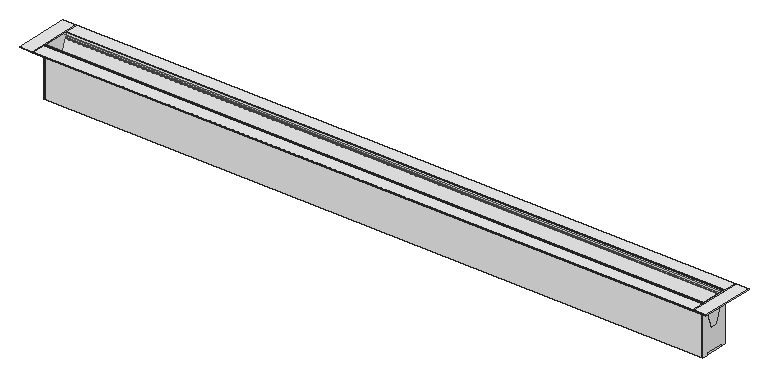
Revit family "recesseddd", category Lighting Fixtures, host Face, Revit 2019
Family settings
  Host = Face
  Round Connector Dimension = Use Diameter
  Part Type = Normal
  OmniClass Number = 23.80.70.11
  OmniClass Title = Luminaries for Internal Lighting
  Cut with Voids When Loaded = No
  Light Source = Yes
  Shared = No
  Room Calculation Point = No
Parameters (values of type "Not a Type - Load Type Catalog!")
  z_Void4 [instance] = if(and([Shape - Miter Cut Right], [Shape - Miter Cut Left]), 0' 6 243/256", 0' 2")  # 0' - 2"
  z_Void3 [instance] = if(and([Shape - Miter Cut Right], not([Shape - Miter Cut Left])), 0' 6 243/256", 0' 2")  # 0' - 2"
  z_Void2 [instance] = if(and([Shape - Miter Cut Left], not([Shape - Miter Cut Right])), 0' 6 243/256", 0' 2")  # 0' - 2"
  z_Void1 [instance] = if(and(not([Shape - Miter Cut Left]), not([Shape - Miter Cut Right])), 0' 6 243/256", 0' 2")  # 0' - 6 243/256"
  z_V2D [instance] = if([Shape - Miter Cut Right], 0' 1 103/256", 0' 3")  # 0' - 3"
  z_V1D [instance] = if([Shape - Miter Cut Left], 0' 1 103/256", 0' 3")  # 0' - 3"
  z_TBT2 = Mounting : 15/16" T-BAR Tegular (TBT2)
  z_TBT1 = Mounting : 9/16" T-BAR Tegular (TBT1)
  z_TB2 = Mounting : 15/16" T-BAR (TB2)
  z_TB1 = Mounting : 9/16" T-BAR (TB1)
  z_TB No Cut [instance] = and(z_TB, z_No Cut)  # yes
  z_Start Shape Closed = Run : Start Fixture for Closed Shapes
  z_Start = Run : Start Fixture
  z_Standalone = Run : Standalone Fixture
  z_STB Right Cut [instance] = and(z_STB1, z_Cut Right)  # no
  z_STB No Cut [instance] = and(z_STB1, z_No Cut)  # no
  z_STB Left Cut [instance] = and(z_STB1, z_Cut Left)  # no
  z_STB All Cut [instance] = and(z_STB1, [Shape - Miter Cut Right], [Shape - Miter Cut Left])  # no
  z_STB = Mounting : 9/16" Screw Slotted T-BAR (STB1)
  z_Right Void Offset [instance] = if(or(Run Option = z_Standalone, Run Option = z_End), (z_Rough Length - Length) / 2, 0' 0")  # 0' - 0 3/8"
  z_Right Void [instance] = if([Shape - Miter Cut Right], 0' 8", 0' 2")  # 0' - 2"
  z_Right Offset [instance] = if(z_Right Void = 0' 8", 0' 2 1/8", 0' 0")  # 0' - 0"
  z_Right Flange [instance] = or(Z_TB Right, Z_STB Right, Z_FL Right)  # yes
  z_Right Cap [instance] = or(Run Option = z_Standalone, Run Option = z_End)  # yes
  z_Origin Offset [instance] = if(z_Left Void = 0' 8", 0' 1", 0' 0")  # 0' - 0"
  z_No Cut [instance] = and(not([Shape - Miter Cut Left]), not([Shape - Miter Cut Right]))  # yes
  z_Middle = Run : Middle Fixture
  z_Left Void Offset [instance] = if(or(Run Option = z_Standalone, Run Option = z_Start), (z_Rough Length - Length) / 2, 0' 0")  # 0' - 0 3/8"
  z_Left Void [instance] = if([Shape - Miter Cut Left], 0' 8", 0' 2")  # 0' - 2"
  z_Left Offset [instance] = if(z_Left Void = 0' 8", 0' 2 1/8", 0' 0")  # 0' - 0"
  z_Left Flange [instance] = or(Z_TB Left, Z_STB Left, Z_FL Left)  # yes
  z_Left Cap [instance] = or(Run Option = z_Standalone, Run Option = z_Start)  # yes
  z_FL No Cut [instance] = and(z_FL, z_No Cut)  # no
  z_Cut Right [instance] = and([Shape - Miter Cut Right], not([Shape - Miter Cut Left]))  # no
  z_Cut Left [instance] = and(not([Shape - Miter Cut Right]), [Shape - Miter Cut Left])  # no
  z_Cut All [instance] = and([Shape - Miter Cut Right], [Shape - Miter Cut Left])  # no
  z_End = Run : End Fixture
  z_DWSF = Mounting : Drywall with Spackle Flange (DWSF)
  z_DWCB = Mounting : Drywall with Cosmetic Bezzle (DWCB)
  z_Connector Position [instance] = if(or(Run Option = z_Start, Run Option = z_Standalone, Run Option = z_Start Shape Closed), 0' 4", Length - 0' 4")  # 0' - 4"
  z_Array No 01 [instance] = if(or(Run Option = z_Standalone, Run Option = z_Start, Run Option = z_Start Shape Closed, and(Run Option = z_End, [Emergency Circuit - End Fixture])), 3, 2)  # 3
  Z_TB Right [instance] = and(z_TB, not([Shape - Miter Cut Right]), or(Run Option = z_Standalone, Run Option = z_End))  # yes
  Z_TB Left [instance] = and(z_TB, not([Shape - Miter Cut Left]), or(Run Option = z_Standalone, Run Option = z_Start))  # yes
  z_TB [instance] = or(Mounting Option = z_TB1, Mounting Option = z_TB2, Mounting Option = z_TBT1, Mounting Option = z_TBT2)  # yes
  z_STB1 [instance] = Mounting Option = z_STB  # no
  Z_STB Right [instance] = and(z_STB1, not([Shape - Miter Cut Right]), or(Run Option = z_Standalone, Run Option = z_End))  # no
  Z_STB Left [instance] = and(z_STB1, not([Shape - Miter Cut Left]), or(Run Option = z_Standalone, Run Option = z_Start))  # no
  z_Rough Width [instance] = if(Mounting Option = z_DWSF, 0' 2 5/8", if(Mounting Option = z_DWCB, 0' 2 5/8", if(or(Mounting Option = z_STB, Mounting Option = z_TBT1, Mounting Option = z_TBT2), Width + 2 * z_Flange Width, Width + 0' 0 1/2")))  # 0' - 2 1/2"
  z_Rough Length [instance] = if(Mounting Option = z_DWSF, Length + 0' 0 3/4", if(Mounting Option = z_DWCB, Length + 0' 0 1/2", if(or(Mounting Option = z_STB, Mounting Option = z_TBT1, Mounting Option = z_TBT2), Length + 2 * z_Flange Width, Length + 0' 0 3/4")))  # 4' - 0 3/4"
  z_Offset From Ceiling [instance] = if(Mounting Option = z_DWSF, 0' 0 1/16", if(or(Mounting Option = z_TBT1, Mounting Option = z_TBT2, Mounting Option = z_STB), 0' 0", 0' 0 1/16"))  # 0' - 0 1/16"
  z_Flange Width [instance] = if(Mounting Option = z_DWCB, 0' 0 111/256", if(Mounting Option = z_DWSF, 0' 1 13/32", if(or(Mounting Option = z_TB1, Mounting Option = z_TBT1, Mounting Option = z_STB), 0' 0 9/16", 0' 0 15/16")))  # 0' - 0 15/16"
  z_Flange Distance [instance] = if(or(Mounting Option = z_TB1, Mounting Option = z_TB2, Mounting Option = z_DWSF, Mounting Option = z_DWCB), 0' 0", 0' 0 5/16")  # 0' - 0"
  Z_FL Right [instance] = and(z_FL, not([Shape - Miter Cut Right]), or(Run Option = z_Standalone, Run Option = z_End))  # no
  Z_FL Left [instance] = and(z_FL, not([Shape - Miter Cut Left]), or(Run Option = z_Standalone, Run Option = z_Start))  # no
  z_FL [instance] = or(Mounting Option = z_DWCB, Mounting Option = z_DWSF)  # no
  Width = 0' - 2"  # constant formula
  Weight = 0.00 lbf
  Wattage Comments = "Efficacy up to 116 lm/W"
  Wattage = 135.7 W
  Voltage Range = ""
  built-in parameter 1150110 = 1 (stored number, unit not read)
  Voltage = 120 V
  URL = "https://starteklightingamerica.com/recessed-slim-beam/"
  Type Comments = "Linear Lighting Fixture"  # constant formula
  built-in parameter 1114217 = 1 (stored number, unit not read)
  Tilt Angle = 90.00°  # constant formula
  built-in parameter 1150109 = 1 (stored number, unit not read)
  built-in parameter 1150134 = (empty or 0)
  built-in parameter 1150113 = 1 (stored number, unit not read)
  Run Option [instance] = Run : Standalone Fixture
  Emergency Circuit - End Fixture [instance] = no
  Shape - Miter Cut Right [instance] = no
  Product data url = "https://www.bimobject.com/startek-lighting/product/recessed-slim-beam"
  Product Material [instance] = StarTek Lighting - Aluminum - Powder Coat White
  Product Guid = "09d5efec-dccc-465b-9512-61c8981efa7c"
  Power Factor = 0.93
  Photometric Web File = "Generic Light Source Shown : Please download and link the IES file that best matches your fixture specification"
  Photometric Note = "Import IES files https://starteklightingamerica.com/"  # constant formula
  Phase = 1
  Number of Poles = 3
  Mounting Option [instance] = Mounting : 15/16" T-BAR (TB2)
  Mount Finish Note [instance] = "Cosmetic bezel can be ordered in white (DWCB(W)) and other (DWCB(O))"  # constant formula
  Mount Finish [instance] = StarTek Lighting - Aluminum - Powder Coat White
  Model = ""
  Manufacturer = "StarTek Lighting"  # constant formula
  Z_MEP distance [instance] = 0' - 0"  # constant formula
  built-in parameter 1150105 = 1490.2 (stored number, unit not read)
  Lumens = 18726.6 lm
  built-in parameter 1150115 = 1 (stored number, unit not read)
  built-in parameter 1150137 = (empty or 0)
  built-in parameter 1150139 = (empty or 0)
  Length = 4' - 0"
  Shape - Miter Cut Left [instance] = no
  built-in parameter 1150112 = 1 (stored number, unit not read)
  built-in parameter 1150114 = 1 (stored number, unit not read)
  Lamp = "LED"  # constant formula
  Keynote = "16500"
  Input Wattage = 0 W
  built-in parameter 1150132 = 2
  built-in parameter 1150102 = (empty or 0)
  built-in parameter 1150107 = 3500 (stored number, unit not read)
  built-in parameter 1150138 = (empty or 0)
  built-in parameter 1150106 = 14.902 (stored number, unit not read)
  Height = 0' - 3 1/2"  # constant formula
  Frequency = 0 Hz
  Edition number = 1
  Distribution = ""
  Description = "Recessed Slim Beam"  # constant formula
  Emit from Rectangle Width = 0' - 1 211/256"  # constant formula
  Emit from Rectangle Length = Length - 0' 0 77/256"  # 3' - 11 179/256"
  Emit Shape Visible in Rendering = no
  Electrical Disconnect = yes
  built-in parameter 1150104 = 12.821 (stored number, unit not read)
  Dimming Lamp Color Temperature Shift = <None>
  Default Elevation = 4' - 0"
  Color Filter = 16777215
  Color [instance] = "Available Options: Powder Coat White (PW), Powder Coat Other (PO)"  # constant formula
  CRI = "80"
  built-in parameter 1114218 = 1 (stored number, unit not read)
  built-in parameter 1150133 = 10 (stored number, unit not read)
  Assembly Code = "D5020200"
  Apparent Load = Input Wattage / (Number of Poles * Power Factor)  # 0 VA
Reference planes (in)
  plane 1 "Center (Front/Back)": y = 0
  plane 2: z = 0
  plane 3 "Center (Left/Right)": x = 0
  plane 4: x = 0
  plane 5: x = -24
  plane 6: x = 24
  plane 7: x = -23.63
  plane 8: x = 23.63
  plane 9: z = -3.437
  plane 10: z = 0.0625
  plane 11: z = 0.0625
  plane 12: y = 1
  plane 13: y = 1
  plane 14: y = 1
  plane 15: y = 1
  plane 16 "OfC": z = 0.0625
  plane 17: z = 3.4012
  plane 18: z = 1.4012
  plane 19: z = 1.4012
  plane 20: x = -24
  plane 21: x = 24
  plane 22: x = -24
  plane 23 "Void 1 No Cut": z = -3.54802
  plane 24: x = -24.375
  plane 25 "Void2 Cut Start": z = 1.4012
  plane 26 "Void 3 Cut End": z = 1.4012
  plane 27: z = 3
  plane 28: z = 0.4012
  plane 29 "Void 4 All Cut": z = 1.4012
  plane 30: x = -20
Forms (in)
  Extrusion 1, void
    sketch origin (0, 0, 0) x (1, 0, 0) y (0, 1, 0)
      loop
        line (-24.375, 1.25) -> (-24.375, -1.25) -> (24.375, -1.25) -> (24.375, 1.25) -> (-24.375, 1.25)
    from 0.0625 to -3.54802
  Extrusion 2, solid, material "StarTek Lighting - Aluminum - Powder Coat White" <- "Mount Finish", visible <- "z_FL"
    sketch origin (-29.77594, -180, 0.0625) x (-1, 0, 0) y (0, -1, 0)
      loop
        line (-5.77594, -181) -> (-53.77594, -181) -> (-53.77594, -181.9375) -> (-5.77594, -181.9375) -> (-5.77594, -181)
      loop
        line (-5.77594, -179) -> (-5.77594, -178.0625) -> (-53.77594, -178.0625) -> (-53.77594, -179) -> (-5.77594, -179)
    from -0.0625 to 0
  Extrusion 3, solid, material "StarTek Lighting - Aluminum - Powder Coat White" <- "Product Material", visible <- "z_TB"
    sketch origin (-29.77594, -180, 0.0625) x (-1, 0, 0) y (0, -1, 0)
      loop
        line (-53.77594, -181.9375) -> (-5.77594, -181.9375) -> (-5.77594, -181) -> (-53.77594, -181) -> (-53.77594, -181.9375)
      loop
        line (-5.77594, -178.0625) -> (-53.77594, -178.0625) -> (-53.77594, -179) -> (-5.77594, -179) -> (-5.77594, -178.0625)
    from -0.0625 to 0
  Extrusion 4, solid, material "StarTek Lighting - Aluminum - Powder Coat White" <- "Mount Finish", visible <- "Z_FL Left"
    sketch origin (-29.77594, -180, 0.0625) x (-1, 0, 0) y (0, -1, 0)
      loop
        line (-5.77594, -181.9375) -> (-4.83844, -181.9375) -> (-4.83844, -178.0625) -> (-5.77594, -178.0625) -> (-5.77594, -181.9375)
    from -0.0625 to 0
  Extrusion 5, solid, material "StarTek Lighting - Aluminum - Powder Coat White" <- "Product Material", visible <- "Z_TB Left"
    sketch origin (-29.77594, -180, 0.0625) x (-1, 0, 0) y (0, -1, 0)
      loop
        line (-5.77594, -181.9375) -> (-4.83844, -181.9375) -> (-4.83844, -178.0625) -> (-5.77594, -178.0625) -> (-5.77594, -181.9375)
    from -0.0625 to 0
  Extrusion 6, solid, material "StarTek Lighting - Aluminum - Powder Coat White" <- "Product Material", visible <- "Z_TB Right"
    sketch origin (-29.77594, -180, 0.0625) x (-1, 0, 0) y (0, -1, 0)
      loop
        line (-53.77594, -181.9375) -> (-53.77594, -178.0625) -> (-54.71344, -178.0625) -> (-54.71344, -181.9375) -> (-53.77594, -181.9375)
    from -0.0625 to 0
  Extrusion 7, solid, material "StarTek Lighting - Aluminum - Powder Coat White" <- "Mount Finish", visible <- "Z_FL Right"
    sketch origin (-29.77594, -180, 0.0625) x (-1, 0, 0) y (0, -1, 0)
      loop
        line (-53.77594, -181.9375) -> (-53.77594, -178.0625) -> (-54.71344, -178.0625) -> (-54.71344, -181.9375) -> (-53.77594, -181.9375)
    from -0.0625 to 0
  Extrusion 8, solid, material "StarTek Lighting - Aluminum - Powder Coat White" <- "Product Material", visible <- "Z_STB Left"
    sketch origin (0, 0, 0) x (1, 0, 0) y (0, 0, 1)
      loop
        line (-24.5625, -0.25) -> (-24, -0.25) -> (-24, 0.0625) -> (-24.25, 0.0625) -> (-24.25, 0.03125) -> (-24.03125, 0.03125) -> (-24.03125, -0.21875) -> (-24.53125, -0.21875) -> (-24.53125, 0.03125) -> (-24.3125, 0.03125) -> (-24.3125, 0.0625) -> (-24.5625, 0.0625) -> (-24.5625, -0.25)
    from -1.5625 to 1.5625
  Extrusion 9, solid, material "StarTek Lighting - Aluminum - Powder Coat White" <- "Product Material", visible <- "Z_STB Right"
    sketch origin (0, 0, 0) x (-1, 0, 0) y (0, 0, -1)
      loop
        line (-24.5625, 0.25) -> (-24.5625, -0.0625) -> (-24.3125, -0.0625) -> (-24.3125, -0.03125) -> (-24.53125, -0.03125) -> (-24.53125, 0.21875) -> (-24.03125, 0.21875) -> (-24.03125, -0.03125) -> (-24.25, -0.03125) -> (-24.25, -0.0625) -> (-24, -0.0625) -> (-24, 0.25) -> (-24.5625, 0.25)
    from -1.5625 to 1.5625
  Extrusion 10, solid, material "StarTek Lighting - Aluminum - Powder Coat White" <- "Mount Finish", visible <- "z_STB1"
    sketch origin (0, 0, 0) x (0, 1, 0) y (0, 0, 1)
      loop
        line (1.5625, -0.25) -> (1.5625, 0.0625) -> (1.3125, 0.0625) -> (1.3125, 0.03125) -> (1.53125, 0.03125) -> (1.53125, -0.21875) -> (1.03125, -0.21875) -> (1.03125, 0.03125) -> (1.25, 0.03125) -> (1.25, 0.0625) -> (1, 0.0625) -> (1, -0.25) -> (1.5625, -0.25)
      loop
        line (-1.5625, -0.25) -> (-1, -0.25) -> (-1, 0.0625) -> (-1.25, 0.0625) -> (-1.25, 0.03125) -> (-1.03125, 0.03125) -> (-1.03125, -0.21875) -> (-1.53125, -0.21875) -> (-1.53125, 0.03125) -> (-1.3125, 0.03125) -> (-1.3125, 0.0625) -> (-1.5625, 0.0625) -> (-1.5625, -0.25)
    from -24 to 24
  Extrusion 11, void
    sketch origin (0, 0, 0) x (1, 0, 0) y (0, 1, 0)
      loop
        line (26.125, 3.125) -> (20.25, -2.75) -> (26.125, -2.75) -> (26.125, 3.125)
    from 1.4012 to 3.4012
  Extrusion 12, void
    sketch origin (0, 0, 0) x (1, 0, 0) y (0, 1, 0)
      loop
        line (-26.125, 3.125) -> (-26.125, -2.75) -> (-20.25, -2.75) -> (-26.125, 3.125)
    from 1.4012 to 3.4012
  Extrusion 13, void
    sketch origin (0, 0, 0) x (1, 0, 0) y (0, 1, 0)
      loop
        line (-24.25, 1.25) -> (-21.75, -1.25) -> (24.375, -1.25) -> (24.375, 1.25) -> (-24.25, 1.25)
    from 0.4012 to 1.4012
  Sweep 14, void
    path origin (0, 0, 0) x (1, 0, 0) y (0, 0, 1)
      loop
        line (0, 1.4012) -> (0, 3.4012)
    profile origin (0, 0, 2.4012) x (-1, 0, 0) y (0, -1, 0)
      loop
        line (-21.75, 1.25) -> (-24.25, -1.25) -> (24.375, -1.25) -> (24.375, 1.25) -> (-21.75, 1.25)
  Sweep 15, void
    path origin (0, 0, 0) x (1, 0, 0) y (0, 0, 1)
      loop
        line (0, 1.4012) -> (0, 3.4012)
    profile origin (0, 0, 2.4012) x (-1, 0, 0) y (0, -1, 0)
      loop
        line (-21.75, 1.25) -> (-24.25, -1.25) -> (24.25, -1.25) -> (21.75, 1.25) -> (-21.75, 1.25)
Cuts and joins
  Extrusion 11, Extrusion 12 cuts Extrusion 3
  Extrusion 11 cuts Extrusion 9
  Extrusion 11 cuts Extrusion 6
  Extrusion 11, Extrusion 12 cuts Extrusion 2
  Extrusion 11, Extrusion 12 cuts Extrusion 10
  Extrusion 12, Extrusion 13 cuts Extrusion 5
  Extrusion 12, Extrusion 13 cuts Extrusion 8
  Extrusion 13 cuts Extrusion 4
Lines and regions (in)
  Masking region 1, visible <- "z_Left Flange"
    outline origin (0, 0, 0) x (1, 0, 0) y (0, 1, 0)
      loop
        line (-24.9375, 1.9375) -> (-24.9375, -1.9375) -> (-24, -1.9375) -> (-24, 1.9375) -> (-24.9375, 1.9375)
  Masking region 2, visible <- "z_Right Flange"
    outline origin (0, 0, 0) x (1, 0, 0) y (0, 1, 0)
      loop
        line (24.9375, -1.9375) -> (24.9375, 1.9375) -> (24, 1.9375) -> (24, -1.9375) -> (24.9375, -1.9375)
  Masking region 3, visible <- "z_Cut Left"
    outline origin (0, 0, 0) x (1, 0, 0) y (0, 1, 0)
      loop
        line (24, 1.9375) -> (-24.9375, 1.9375) -> (-24, 1) -> (24, 1) -> (24, 1.9375)
      loop
        line (-21.0625, -1.9375) -> (24, -1.9375) -> (24, -1) -> (-22, -1) -> (-21.0625, -1.9375)
  Masking region 4, visible <- "z_No Cut"
    outline origin (0, 0, 0) x (1, 0, 0) y (0, 1, 0)
      loop
        line (24, 1.9375) -> (-24, 1.9375) -> (-24, 1) -> (24, 1) -> (24, 1.9375)
      loop
        line (-24, -1.9375) -> (24, -1.9375) -> (24, -1) -> (-24, -1) -> (-24, -1.9375)
  Masking region 5, visible <- "z_Cut All"
    outline origin (0, 0, 0) x (1, 0, 0) y (0, 1, 0)
      loop
        line (24.9375, 1.9375) -> (-24.9375, 1.9375) -> (-24, 1) -> (24, 1) -> (24.9375, 1.9375)
      loop
        line (-21.0625, -1.9375) -> (21.0625, -1.9375) -> (22, -1) -> (-22, -1) -> (-21.0625, -1.9375)
  Masking region 6, visible <- "z_Cut Right"
    outline origin (0, 0, 0) x (1, 0, 0) y (0, 1, 0)
      loop
        line (-24, 1) -> (24, 1) -> (24.9375, 1.9375) -> (-24, 1.9375) -> (-24, 1)
      loop
        line (22, -1) -> (-24, -1) -> (-24, -1.9375) -> (21.0625, -1.9375) -> (22, -1)
  reference lines
    curve 1: line (-23, 0, 0) -> (-26.88909, 3.88909, 0)
    curve 2: line (23, 0, 0) -> (27.89277, 4.89277, 0)
  symbolic lines, visible <- "Z_STB Left", detail levels fine
    curve 3: line (-24.3125, 1.5625, 0) -> (-24.3125, -1.5625, 0)
    curve 4: line (-24.25, 1.5625, 0) -> (-24.25, -1.5625, 0)
  symbolic lines, visible <- "Z_STB Right", detail levels fine
    curve 5: line (24.25, 1.5625, 0) -> (24.25, -1.5625, 0)
    curve 6: line (24.3125, 1.5625, 0) -> (24.3125, -1.5625, 0)
  symbolic lines, visible <- "z_STB No Cut", detail levels fine
    curve 7: line (-24, 1.3125, 0) -> (24, 1.3125, 0)
    curve 8: line (-24, 1.25, 0) -> (24, 1.25, 0)
    curve 9: line (-24, -1.25, 0) -> (24, -1.25, 0)
    curve 10: line (-24, -1.3125, 0) -> (24, -1.3125, 0)
  symbolic lines, visible <- "z_STB Left Cut", detail levels fine
    curve 11: line (-24.3125, 1.3125, 0) -> (24, 1.3125, 0)
    curve 12: line (-24.25, 1.25, 0) -> (24, 1.25, 0)
    curve 13: line (-21.75, -1.25, 0) -> (24, -1.25, 0)
    curve 14: line (-21.6875, -1.3125, 0) -> (24, -1.3125, 0)
  symbolic lines, visible <- "z_STB Right Cut", detail levels fine
    curve 15: line (24.3125, 1.3125, 0) -> (-24, 1.3125, 0)
    curve 16: line (24.25, 1.25, 0) -> (-24, 1.25, 0)
    curve 17: line (21.75, -1.25, 0) -> (-24, -1.25, 0)
    curve 18: line (21.6875, -1.3125, 0) -> (-24, -1.3125, 0)
  symbolic lines, visible <- "z_STB All Cut", detail levels fine
    curve 19: line (-24.3125, 1.3125, 0) -> (24.3125, 1.3125, 0)
    curve 20: line (-24.25, 1.25, 0) -> (24.25, 1.25, 0)
    curve 21: line (-21.75, -1.25, 0) -> (21.75, -1.25, 0)
    curve 22: line (-21.6875, -1.3125, 0) -> (21.6875, -1.3125, 0)
Dimensions and locks (in)
  "Z_MEP distance": plane 3 "Center (Left/Right)" to plane 4
  equal spacing: plane 5, plane 3 "Center (Left/Right)", plane 6
  "Length": plane 5 to plane 6
  locked: plane 8 to plane 6 at 0.37
  locked: plane 5 to plane 7 at 0.37
  plane 2 to plane 9 = 0' - 3.437"
  equal spacing: Extrusion 1 sketch curve, plane 1 "Center (Front/Back)", Extrusion 1 sketch curve
  "z_Rough Width": Extrusion 1 sketch curve to Extrusion 1 sketch curve
  Extrusion 2 sketch curve to plane 1 "Center (Front/Back)" to Extrusion 2 sketch curve = 0' - 1" locked, 0' - 1" locked
  "z_Flange Width": Extrusion 2 sketch curve to Extrusion 2 sketch curve  (x2)
  "z_Offset From Ceiling": plane 11 to plane 2
  "z_Flange Distance": plane 11 to plane 10
  Extrusion 3 sketch curve to plane 1 "Center (Front/Back)" to Extrusion 3 sketch curve = 0' - 1" locked, 0' - 1" locked
  "z_Flange Width": Extrusion 3 sketch curve to Extrusion 3 sketch curve  (x2)
  "z_Flange Width": Extrusion 4 sketch curve to plane 5
  locked: plane 1 "Center (Front/Back)" to plane 12 at 1
  equal spacing: Extrusion 4 sketch curve, plane 1 "Center (Front/Back)", Extrusion 4 sketch curve
  "z_Flange Width": plane 12 to Extrusion 4 sketch curve
  "z_Flange Width": plane 13 to Extrusion 5 sketch curve
  equal spacing: Extrusion 5 sketch curve, plane 1 "Center (Front/Back)", Extrusion 5 sketch curve
  "z_Flange Width": Extrusion 5 sketch curve to plane 5
  "z_Flange Width": plane 14 to Extrusion 6 sketch curve
  equal spacing: Extrusion 6 sketch curve, plane 1 "Center (Front/Back)", Extrusion 6 sketch curve
  "z_Flange Width": plane 6 to Extrusion 6 sketch curve
  "z_Flange Width": plane 15 to Extrusion 7 sketch curve
  "z_Flange Width": plane 6 to Extrusion 7 sketch curve
  equal spacing: Extrusion 7 sketch curve, plane 1 "Center (Front/Back)", Extrusion 7 sketch curve
  plane 11 to Extrusion 8 sketch curve to Extrusion 8 sketch curve to Extrusion 8 sketch curve to Extrusion 8 sketch curve = 0' - 0 1/32" locked, 0' - 0" locked, 0' - 0 1/4" locked, 0' - 0 1/32" locked
  locked: Extrusion 9 sketch curve to Extrusion 9 sketch curve at 0.03125
  locked: Extrusion 9 sketch curve to Extrusion 9 sketch curve at 0.21875  (x2)
  Extrusion 9 sketch curve to Extrusion 9 sketch curve to Extrusion 9 sketch curve to Extrusion 9 sketch curve = 0' - 0" locked, 0' - 0 1/4" locked, 0' - 0 1/32" locked
  locked: plane 11 to Extrusion 9 sketch curve at 0.03125
  locked: Extrusion 9 sketch curve to plane 6 at 0.03125
  Extrusion 10 sketch curve to Extrusion 10 sketch curve to Extrusion 10 sketch curve to Extrusion 10 sketch curve to Extrusion 10 sketch curve to Extrusion 10 sketch curve = 0' - 0 1/32", 0' - 0 7/32" locked, 0' - 0 1/16" locked, 0' - 0 7/32" locked, 0' - 0 1/32" locked
  Extrusion 10 sketch curve to Extrusion 10 sketch curve to Extrusion 10 sketch curve to Extrusion 10 sketch curve to Extrusion 10 sketch curve to Extrusion 10 sketch curve = 0' - 0 1/32" locked, 0' - 0 7/32" locked, 0' - 0 1/16" locked, 0' - 0 7/32" locked, 0' - 0 1/32" locked
  plane 11 to Extrusion 10 sketch curve to Extrusion 10 sketch curve to Extrusion 10 sketch curve to Extrusion 10 sketch curve to Extrusion 10 sketch curve = 0' - 0 1/32" locked, 0' - 0 1/4" locked, 0' - 0" locked, 0' - 0 1/32" locked, 0' - 0" locked
  plane 5 to Extrusion 8 sketch curve to Extrusion 8 sketch curve to Extrusion 8 sketch curve to Extrusion 8 sketch curve to Extrusion 8 sketch curve = 0' - 0 1/32" locked, 0' - 0 7/32" locked, 0' - 0 1/16" locked, 0' - 0 7/32" locked, 0' - 0 1/32" locked
  Extrusion 10 sketch curve to plane 1 "Center (Front/Back)" to Extrusion 10 sketch curve = 0' - 1" locked, 0' - 1" locked
  locked: imposter light to plane 16 "OfC" at 0
  "z_Offset From Ceiling": plane 16 "OfC" to plane 2
  Extrusion 11 sketch curve to plane 1 "Center (Front/Back)" to Extrusion 11 sketch curve = 0' - 2 3/4" locked, 0' - 3 1/8" locked
  locked: plane 17 to plane 2 at 3.4012
  "z_Right Void": plane 17 to plane 18
  Extrusion 12 sketch curve to plane 1 "Center (Front/Back)" to Extrusion 12 sketch curve = 0' - 2 3/4" locked, 0' - 3 1/8" locked
  "z_Left Void": plane 17 to plane 19
  "z_Left Offset": plane 20 to plane 5
  "z_Right Offset": plane 6 to plane 21
  "z_Origin Offset": plane 5 to plane 22
  "z_Void1": plane 17 to plane 23 "Void 1 No Cut"
  equal spacing: Extrusion 13 sketch curve, plane 1 "Center (Front/Back)", Extrusion 13 sketch curve
  "z_Rough Width": Extrusion 13 sketch curve to Extrusion 13 sketch curve
  "z_Void2": plane 17 to plane 25 "Void2 Cut Start"
  "z_Void3": plane 17 to plane 26 "Void 3 Cut End"
  "z_V2D": plane 27 to plane 2
  "z_V1D": plane 17 to plane 28
  "z_Left Void Offset": Extrusion 1 sketch curve to plane 5
  "z_Right Void Offset": plane 6 to Extrusion 1 sketch curve
  "z_Right Void Offset": plane 6 to Extrusion 13 sketch curve
  "z_Void4": plane 17 to plane 29 "Void 4 All Cut"
  locked: plane 5 to curve 1 at 1
  locked: curve 2 to plane 6 at 1
  equal spacing: Sweep 14 sketch curve, plane 1 "Center (Front/Back)", Sweep 14 sketch curve
  "z_Rough Width": Sweep 14 sketch curve to Sweep 14 sketch curve
  "z_Left Void Offset": Sweep 14 sketch curve to plane 5
  equal spacing: Sweep 15 sketch curve, plane 1 "Center (Front/Back)", Sweep 15 sketch curve
  "z_Rough Width": Sweep 15 sketch curve to Sweep 15 sketch curve
  "z_Flange Width": Masking region 3 sketch curve to Masking region 3 sketch curve  (x2)
  "z_Flange Width": Masking region 5 sketch curve to Masking region 5 sketch curve  (x2)
  "z_Flange Width": Masking region 6 sketch curve to Masking region 6 sketch curve  (x2)
  "z_Flange Width": Masking region 1 sketch curve to Masking region 1 sketch curve
  "z_Flange Width": Masking region 2 sketch curve to Masking region 2 sketch curve
  "z_Flange Width": Masking region 4 sketch curve to Masking region 4 sketch curve  (x2)
  locked: nested 3 to plane 5 at 3
  equal spacing: group 1, group 2, group 3  (x3)
  "z_Connector Position": plane 5 to plane 30
  locked: curve 1 to plane 1 "Center (Front/Back)" (angle 45.00°)
  locked: plane 1 "Center (Front/Back)" to curve 2 (angle 45.00°)
  aligned and locked: plane 2 to host face
  aligned and locked: level to host face
  aligned and locked: plane 3 "Center (Left/Right)" to nested 1
  aligned and locked: plane 5 to Extrusion 4 sketch curve
  aligned and locked: plane 5 to Extrusion 5 sketch curve
  aligned and locked: plane 6 to Extrusion 6 sketch curve
  aligned and locked: plane 6 to Extrusion 7 sketch curve
  aligned and locked: plane 5 to Extrusion 8 sketch curve
  aligned and locked: plane 11 to Extrusion 8 sketch curve  (x2)
  aligned and locked: plane 6 to Extrusion 9 sketch curve
  aligned and locked: Extrusion 9 sketch curve to plane 11  (x2)
  aligned and locked: plane 11 to Extrusion 10 sketch curve  (x2)
  aligned and locked: Extrusion 10 sketch curve to plane 11  (x2)
  aligned and locked: Extrusion 10 sketch curve to Extrusion 10 sketch curve  (x3)
  aligned and locked: plane 16 "OfC" to nested 1
  aligned and locked: plane 17 to Extrusion 11
  aligned and locked: Extrusion 11 to plane 18
  aligned and locked: plane 17 to Extrusion 12
  aligned and locked: plane 19 to Extrusion 12
  aligned and locked: plane 20 to Extrusion 3 sketch curve  (x2)
  aligned and locked: Extrusion 3 sketch curve to plane 21  (x2)
  aligned and locked: plane 21 to Extrusion 2 sketch curve
  aligned and locked: Extrusion 2 sketch curve to plane 21
  aligned and locked: Extrusion 2 sketch curve to plane 20
  aligned and locked: plane 20 to Extrusion 2 sketch curve
  aligned and locked: Extrusion 1 to plane 23 "Void 1 No Cut"
  aligned and locked: plane 25 "Void2 Cut Start" to Extrusion 13
  aligned and locked: Extrusion 13 to plane 28
  aligned and locked: plane 20 to cut or joined group of Extrusion 10, Extrusion 11, Extrusion 12
  aligned and locked: cut or joined group of Extrusion 10, Extrusion 11, Extrusion 12 to plane 21
  aligned and locked: plane 1 "Center (Front/Back)" to curve 1
  aligned and locked: Extrusion 13 sketch curve to curve 1
  aligned and locked: plane 1 "Center (Front/Back)" to curve 2
  aligned and locked: Extrusion 11 sketch curve to curve 2
  aligned and locked: Extrusion 12 sketch curve to curve 1
  aligned and locked: plane 17 to Sweep 14 sketch curve
  aligned and locked: plane 26 "Void 3 Cut End" to Sweep 14 sketch curve
  aligned and locked: plane 3 "Center (Left/Right)" to Sweep 14 sketch curve
  aligned and locked: Sweep 14 sketch curve to curve 2
  aligned and locked: plane 29 "Void 4 All Cut" to Sweep 15 sketch curve
  aligned and locked: plane 17 to Sweep 15 sketch curve
  aligned and locked: plane 3 "Center (Left/Right)" to Sweep 15 sketch curve
  aligned and locked: Sweep 15 sketch curve to curve 1
  aligned and locked: Sweep 15 sketch curve to curve 2
  aligned and locked: Masking region 1 sketch curve to cut or joined group of Extrusion 4, Extrusion 13  (x3)
  aligned and locked: Masking region 2 sketch curve to Extrusion 7  (x3)
  aligned and locked: imposter light to plane 4
  aligned and locked: Masking region 3 sketch curve to cut or joined group of Extrusion 2, Extrusion 11, Extrusion 12  (x6)
  aligned and locked: Masking region 4 sketch curve to cut or joined group of Extrusion 2, Extrusion 11, Extrusion 12  (x3)
  aligned and locked: Masking region 5 sketch curve to cut or joined group of Extrusion 2, Extrusion 11, Extrusion 12  (x5)
  aligned and locked: cut or joined group of Extrusion 2, Extrusion 11, Extrusion 12 to Masking region 5 sketch curve
  aligned and locked: Masking region 3 to Masking region 4 sketch curve
  aligned and locked: Masking region 6 sketch curve to Masking region 4  (x3)
  aligned and locked: Masking region 4 to Masking region 6 sketch curve
  aligned and locked: Masking region 4 sketch curve to plane 6  (x2)
  aligned and locked: cut or joined group of Extrusion 8, Extrusion 12, Extrusion 13 to curve 4  (x2)
  aligned and locked: cut or joined group of Extrusion 8, Extrusion 12, Extrusion 13 to curve 3  (x2)
  aligned and locked: curve 4 to cut or joined group of Extrusion 8, Extrusion 12, Extrusion 13
  aligned and locked: curve 3 to cut or joined group of Extrusion 8, Extrusion 12, Extrusion 13
  aligned and locked: cut or joined group of Extrusion 9, Extrusion 11 to curve 5  (x2)
  aligned and locked: cut or joined group of Extrusion 9, Extrusion 11 to curve 6  (x2)
  aligned and locked: curve 5 to cut or joined group of Extrusion 9, Extrusion 11
  aligned and locked: curve 6 to cut or joined group of Extrusion 9, Extrusion 11
  aligned and locked: cut or joined group of Extrusion 10, Extrusion 11, Extrusion 12 to curve 10  (x2)
  aligned and locked: cut or joined group of Extrusion 10, Extrusion 11, Extrusion 12 to curve 9  (x2)
  aligned and locked: cut or joined group of Extrusion 10, Extrusion 11, Extrusion 12 to curve 8  (x2)
  aligned and locked: cut or joined group of Extrusion 10, Extrusion 11, Extrusion 12 to curve 7  (x2)
  aligned and locked: curve 7 to cut or joined group of Extrusion 10, Extrusion 11, Extrusion 12
  aligned and locked: curve 8 to cut or joined group of Extrusion 10, Extrusion 11, Extrusion 12
  aligned and locked: curve 9 to cut or joined group of Extrusion 10, Extrusion 11, Extrusion 12
  aligned and locked: curve 10 to cut or joined group of Extrusion 10, Extrusion 11, Extrusion 12
  aligned and locked: cut or joined group of Extrusion 10, Extrusion 11, Extrusion 12 to curve 14
  aligned and locked: cut or joined group of Extrusion 10, Extrusion 11, Extrusion 12 to curve 13  (x2)
  aligned and locked: cut or joined group of Extrusion 10, Extrusion 11, Extrusion 12 to curve 12
  aligned and locked: cut or joined group of Extrusion 10, Extrusion 11, Extrusion 12 to curve 11
  aligned and locked: curve 12 to cut or joined group of Extrusion 10, Extrusion 11, Extrusion 12
  aligned and locked: curve 1 to curve 12
  aligned and locked: curve 1 to curve 11
  aligned and locked: curve 14 to cut or joined group of Extrusion 10, Extrusion 11, Extrusion 12
  aligned and locked: curve 14 to curve 1
  aligned and locked: curve 13 to curve 1
  aligned and locked: cut or joined group of Extrusion 10, Extrusion 11, Extrusion 12 to curve 15
  aligned and locked: cut or joined group of Extrusion 10, Extrusion 11, Extrusion 12 to curve 16
  aligned and locked: cut or joined group of Extrusion 10, Extrusion 11, Extrusion 12 to curve 17
  aligned and locked: cut or joined group of Extrusion 10, Extrusion 11, Extrusion 12 to curve 18  (x2)
  aligned and locked: curve 15 to cut or joined group of Extrusion 10, Extrusion 11, Extrusion 12
  aligned and locked: curve 16 to cut or joined group of Extrusion 10, Extrusion 11, Extrusion 12
  aligned and locked: curve 17 to cut or joined group of Extrusion 10, Extrusion 11, Extrusion 12
  aligned and locked: curve 2 to curve 16
  aligned and locked: curve 2 to curve 15
  aligned and locked: curve 17 to curve 2
  aligned and locked: curve 18 to curve 2
  aligned and locked: curve 19 to cut or joined group of Extrusion 10, Extrusion 11, Extrusion 12
  aligned and locked: curve 20 to cut or joined group of Extrusion 10, Extrusion 11, Extrusion 12
  aligned and locked: cut or joined group of Extrusion 10, Extrusion 11, Extrusion 12 to curve 21
  aligned and locked: curve 22 to cut or joined group of Extrusion 10, Extrusion 11, Extrusion 12
  aligned and locked: curve 2 to curve 19
  aligned and locked: curve 2 to curve 20
  aligned and locked: curve 21 to curve 2
  aligned and locked: curve 22 to curve 2
  aligned and locked: curve 1 to curve 19
  aligned and locked: curve 22 to curve 1
  aligned and locked: curve 21 to curve 1
  aligned and locked: curve 2 to Masking region 6 sketch curve
  aligned and locked: Masking region 6 sketch curve to curve 2
  aligned and locked: plane 1 "Center (Front/Back)" to nested 3
  aligned and locked: plane 30 to nested 5
  aligned and locked: plane 1 "Center (Front/Back)" to nested 5
Automatic sketch dimensions
  host sketch curve to host sketch curve = 8' - 0"  (x2)
  Extrusion 9 sketch curve to Extrusion 9 sketch curve = 0' - 0 1/16"
Nested families (in)
  nested 1: "Recessed Slim Beam Geometry" at (0, 0, -3.4375), type "Recessed Slim Beam Geometry"
  nested 2: "Mounting" at (26.12642, 26.892, 0), type "Drywall with Spackle Flange (DWSF)"
  nested 3: "Connection" at (-27, 0, 0), type "Connection"
  nested 4: "Connection" at (-23.5, 0, 0), type "Connection"
  nested 5: "Connection" at (-20, 0, 0), type "Connection"
Connectors (in)
  electrical at (-20, 0, 0), driven by "Number of Poles", driven by "Voltage", driven by "Apparent Load", driven by "Apparent Load", driven by "Apparent Load", driven by "Power Factor"
    settings: on nested 5, index 2, voltage 120 V, apparent load 0 VA, apparent load phase1 0 VA, apparent load phase2 0 VA, apparent load phase3 0 VA, power factor 0.93, load classification "Other", number of poles 3, system type 31, power factor state 1, is connector primary yes, connector utility no, sub classification motor no, connector description "Connector for Electrical Power"
Definition of nested family "Recessed Slim Beam Geometry"
  Parameters (values of type "Recessed Slim Beam Geometry")
    z_Straight = and(not(z_Left), not(z_Right), not(z_Both))  # yes
    z_Right Void = 0' - 2"
    z_Right Cap = yes
    z_Right = and(z_Left Void = 0' 2", z_Right Void = 0' 8")  # no
    z_Left Void = 0' - 2"
    z_Left Cap = yes
    z_Left = and(z_Right Void = 0' 2", z_Left Void = 0' 8")  # no
    z_Both = and(z_Left Void = 0' 8", z_Right Void = 0' 8")  # no
    Width = 0' - 2"
    Product Material = none
    Manufacturer = ""
    Length = 4' - 0"
    Lamp length 36" = Length = 3' 0"  # no
    Lamp length 18" = Length = 1' 6"  # no
    Default Elevation = 4' - 0"
  Reference planes (in)
    plane 1 "Light Source Axis (F/B)": y = 0
    plane 2: z = 0
    plane 3 "Light Source Axis (L/R)": x = 0
    plane 4 "Light Source Elevation": z = 0
    plane 5: x = -24
    plane 6: x = 24
    plane 7: y = 1
    plane 8: y = -1
    plane 9: z = 3.5
    plane 10: z = 4.84362
    plane 11: z = 6.84362
    plane 12: z = 4.84362
  Forms (in)
    Extrusion 1, solid, material <- "Product Material", detail levels coarse
      sketch origin (0, 0, 3.5) x (0, 1, 0) y (0, 0, 1)
        loop
          line (1, -3.5) -> (1, 0) -> (-0.99897, 0) -> (-0.99897, -3.5) -> (1, -3.5)
      from -24 to 24
    Extrusion 2, solid, material <- "Product Material", detail levels medium+fine
      sketch origin (0, 0, 3.5) x (0, 1, 0) y (0, 0, 1)
        loop
          line (1, -3.5) -> (1, -0.00103) -> (0.91615, -0.00103) -> (0.91615, -0.29763) -> (0.82359, -0.29763) -> (0.28125, -1.87271) -> (-0.28125, -1.87271) -> (-0.82359, -0.29763) -> (-0.91615, -0.29763) -> (-0.91615, -0.00103) -> (-1, -0.00103) -> (-1, -3.5) -> (-0.69422, -3.5) -> (-0.69422, -3.32994) -> (0.69422, -3.32994) -> (0.69422, -3.5) -> (1, -3.5)
      from -24 to 24
    Extrusion 3, solid, detail levels medium+fine
      sketch origin (0, 0, 3.5) x (0, 1, 0) y (0, 0, 1)
        loop
          line (-0.90618, 0) -> (-0.90618, -0.26378) -> (-0.87541, -0.26378) -> (-0.8311, -0.05534) -> (0.8311, -0.05534) -> (0.87541, -0.26378) -> (0.90618, -0.26378) -> (0.90618, 0) -> (-0.90618, 0)
      from -24 to 24
    Extrusion 4, void
      sketch origin (0, 0, 0) x (1, 0, 0) y (0, 1, 0)
        loop
          line (25.02513, 2.02513) -> (21.52513, -1.47487) -> (25.02513, -1.47487) -> (25.02513, 2.02513)
      from 4.84362 to 6.84362
    Extrusion 5, void
      sketch origin (0, 0, 0) x (1, 0, 0) y (0, 1, 0)
        loop
          line (-25.02513, 2.02513) -> (-25.02513, -1.47487) -> (-21.52513, -1.47487) -> (-25.02513, 2.02513)
      from 4.84362 to 6.84362
    Extrusion 6, solid, material <- "Product Material", visible <- "z_Left Cap", detail levels medium+fine
      sketch origin (0, 0, 0) x (1, 0, 0) y (0, 1, 0)
        loop
          line (-24, 1) -> (-24, -1) -> (-23.93217, -1) -> (-23.93217, 1) -> (-24, 1)
      from 0 to 3.5
    Extrusion 7, solid, material <- "Product Material", visible <- "z_Right Cap", detail levels medium+fine
      sketch origin (0, 0, 0) x (1, 0, 0) y (0, 1, 0)
        loop
          line (24, 1) -> (23.932, 1) -> (23.932, -1) -> (24, -1) -> (24, 1)
      from 0 to 3.5
  Cuts and joins
    Extrusion 4, Extrusion 5 cuts Extrusion 2
    Extrusion 4, Extrusion 5 cuts Extrusion 1
    Extrusion 4, Extrusion 5 cuts Extrusion 3
    Extrusion 4 cuts Extrusion 7
    Extrusion 5 cuts Extrusion 6
  Lines and regions (in)
    Masking region 1, visible <- "z_Straight"
      outline origin (0, 0, 0) x (1, 0, 0) y (0, 1, 0)
        loop
          line (-24, 1) -> (-24, -1) -> (24, -1) -> (24, 1) -> (-24, 1)
    Masking region 2, visible <- "z_Straight", detail levels medium+fine
      outline origin (0, 0, 0) x (1, 0, 0) y (0, 1, 0)
        loop
          line (-24, 0.90618) -> (-24, -0.91615) -> (24, -0.91615) -> (24, 0.90618) -> (-24, 0.90618)
    Masking region 3, visible <- "z_Left"
      outline origin (0, 0, 0) x (1, 0, 0) y (0, 1, 0)
        loop
          line (24, 1) -> (-24, 1) -> (-22, -1) -> (24, -1) -> (24, 1)
    Masking region 4, visible <- "z_Right"
      outline origin (0, 0, 0) x (1, 0, 0) y (0, 1, 0)
        loop
          line (-24, 1) -> (-24, -1) -> (22, -1) -> (24, 1) -> (-24, 1)
    Masking region 5, visible <- "z_Left", detail levels medium+fine
      outline origin (0, 0, 0) x (1, 0, 0) y (0, 1, 0)
        loop
          line (24, 0.90618) -> (-23.90618, 0.90618) -> (-22.08385, -0.91615) -> (24, -0.91615) -> (24, 0.90618)
    Masking region 6, visible <- "z_Right"
      outline origin (0, 0, 0) x (1, 0, 0) y (0, 1, 0)
        loop
          line (-24, 0.90618) -> (-24, -0.91615) -> (22.08385, -0.91615) -> (23.90618, 0.90618) -> (-24, 0.90618)
    Masking region 7, visible <- "z_Both", detail levels medium+fine
      outline origin (0, 0, 0) x (1, 0, 0) y (0, 1, 0)
        loop
          line (23.90618, 0.90618) -> (-23.90618, 0.90618) -> (-22.08385, -0.91615) -> (22.08385, -0.91615) -> (23.90618, 0.90618)
    Masking region 8, visible <- "z_Both"
      outline origin (0, 0, 0) x (1, 0, 0) y (0, 1, 0)
        loop
          line (24, 1) -> (-24, 1) -> (-22, -1) -> (22, -1) -> (24, 1)
  Dimensions and locks (in)
    equal spacing: plane 5, plane 3 "Light Source Axis (L/R)", plane 6
    "Length": plane 5 to plane 6
    Extrusion 2 to plane 5 = 0' - 0"
    Extrusion 2 to plane 6 = 0' - 0"
    Masking region 2 sketch curve to plane 6 = 0' - 0"
    Extrusion 3 to plane 5 = 0' - 0"
    plane 6 to Extrusion 3 = 0' - 0"
    equal spacing: plane 8, plane 1 "Light Source Axis (F/B)", plane 7
    "Width": plane 8 to plane 7
    Extrusion 4 sketch curve to plane 6 to Extrusion 4 sketch curve = 0' - 2.47487" locked, 0' - 1.02513" locked
    Extrusion 4 sketch curve to plane 1 "Light Source Axis (F/B)" to Extrusion 4 sketch curve = 0' - 1.47487" locked, 0' - 2.02513" locked
    "z_Right Void": plane 11 to plane 10
    locked: plane 11 to plane 4 "Light Source Elevation" at 6.84362
    Extrusion 5 sketch curve to plane 5 to Extrusion 5 sketch curve = 0' - 1.02513" locked, 0' - 2.47487" locked
    Extrusion 5 sketch curve to plane 1 "Light Source Axis (F/B)" to Extrusion 5 sketch curve = 0' - 1.47487" locked, 0' - 2.02513" locked
    "z_Left Void": plane 11 to plane 12
    locked: plane 5 to Masking region 3 sketch curve at 2
    locked: Masking region 4 sketch curve to plane 6 at 2
    Masking region 5 sketch curve to plane 6 = 0' - 0"
    Masking region 6 sketch curve to plane 5 = 0' - 0"
    locked: plane 5 to Masking region 8 sketch curve at 2
    locked: Masking region 8 sketch curve to plane 6 at 2
    locked: plane 5 to Extrusion 6 sketch curve at 0.06783
    locked: Extrusion 7 sketch curve to plane 6 at 0.068
    aligned and locked: level to plane 2
    aligned and locked: plane 5 to Masking region 1 sketch curve
    aligned and locked: Masking region 1 sketch curve to plane 6
    aligned and locked: Extrusion 1 to plane 5
    aligned and locked: plane 6 to Extrusion 1
    aligned and locked: plane 11 to Extrusion 4
    aligned and locked: Extrusion 4 to plane 10
    aligned and locked: plane 11 to Extrusion 5
    aligned and locked: Extrusion 5 to plane 12
    aligned and locked: plane 5 to Masking region 3 sketch curve
    aligned and locked: plane 6 to Masking region 3 sketch curve
    aligned and locked: plane 5 to Masking region 4 sketch curve
    aligned and locked: plane 6 to Masking region 4 sketch curve
    aligned and locked: plane 5 to Masking region 8 sketch curve
    aligned and locked: plane 6 to Masking region 8 sketch curve
    aligned and locked: plane 6 to cut or joined group of Extrusion 3, Extrusion 4, Extrusion 5
    aligned and locked: cut or joined group of Extrusion 3, Extrusion 4, Extrusion 5 to plane 5
    aligned and locked: cut or joined group of Extrusion 2, Extrusion 4, Extrusion 5 to plane 5
    aligned and locked: plane 5 to Masking region 2 sketch curve
    aligned and locked: Masking region 7 sketch curve to Extrusion 5
    aligned and locked: Masking region 5 sketch curve to Extrusion 5
    aligned and locked: plane 6 to cut or joined group of Extrusion 2, Extrusion 4, Extrusion 5
    aligned and locked: Extrusion 4 to Masking region 7 sketch curve
    aligned and locked: Extrusion 4 to Masking region 6 sketch curve
    aligned and locked: plane 5 to Extrusion 6 sketch curve
    aligned and locked: plane 6 to Extrusion 7 sketch curve
    aligned and locked: plane 4 "Light Source Elevation" to Extrusion 7
    aligned and locked: plane 9 to Extrusion 7
  Automatic sketch dimensions
    Extrusion 1 sketch curve to level = 0' - 0"
    Extrusion 1 sketch curve to plane 9 = 0' - 0"
    Extrusion 1 sketch curve to plane 7 = 0' - 0"
    plane 8 to Extrusion 1 sketch curve = 0' - 0.00103"
    Extrusion 2 sketch curve to plane 8 = 0' - 0"
    Extrusion 2 sketch curve to level = 0' - 0"  (x2)
    Extrusion 2 sketch curve to plane 7 = 0' - 0"
    plane 9 to Extrusion 2 sketch curve = 0' - 0.00103"  (x2)
    plane 8 to Extrusion 2 sketch curve = 0' - 0.08385"
    Extrusion 2 sketch curve to Extrusion 2 sketch curve = 0' - 0.09256"
    plane 8 to Extrusion 2 sketch curve = 0' - 0.30578"
    Extrusion 2 sketch curve to plane 1 "Light Source Axis (F/B)" = 0' - 0 9/32"
    plane 1 "Light Source Axis (F/B)" to Extrusion 2 sketch curve = 0' - 0 9/32"
    Extrusion 2 sketch curve to Extrusion 2 sketch curve = 0' - 0.30578"
    Extrusion 2 sketch curve to plane 7 = 0' - 0.17641"
    Extrusion 2 sketch curve to Extrusion 2 sketch curve = 0' - 0.08385"
    Extrusion 2 sketch curve to Extrusion 2 sketch curve = 0' - 0.2966"
    plane 9 to Extrusion 2 sketch curve = 0' - 0.29763"
    Extrusion 2 sketch curve to level = 0' - 1.62729"
    Extrusion 2 sketch curve to Extrusion 2 sketch curve = 0' - 0.17006"
    Extrusion 3 sketch curve to plane 9 = 0' - 0"
    plane 8 to Extrusion 3 sketch curve = 0' - 0.09382"
    Extrusion 3 sketch curve to Extrusion 3 sketch curve = 0' - 0.03077"  (x2)
    plane 9 to Extrusion 3 sketch curve = 0' - 0.05534"
    Extrusion 3 sketch curve to Extrusion 3 sketch curve = 0' - 0.07508"
    Extrusion 3 sketch curve to plane 7 = 0' - 0.1689"
    Extrusion 3 sketch curve to plane 7 = 0' - 0.12459"
    Extrusion 3 sketch curve to Extrusion 3 sketch curve = 0' - 0.20844"  (x2)
    plane 8 to Masking region 1 sketch curve = 0' - 0"
    plane 7 to Masking region 1 sketch curve = 0' - 0"
    Masking region 2 sketch curve to plane 8 = 0' - 0.08385"
    plane 7 to Masking region 2 sketch curve = 0' - 0.09382"
    plane 8 to Masking region 3 sketch curve = 0' - 0"
    plane 7 to Masking region 3 sketch curve = 0' - 0"
    plane 8 to Masking region 4 sketch curve = 0' - 0"
    plane 7 to Masking region 4 sketch curve = 0' - 0"
    Masking region 5 sketch curve to plane 8 = 0' - 0.08385"
    plane 7 to Masking region 5 sketch curve = 0' - 0.09382"
    Masking region 7 sketch curve to plane 8 = 0' - 0.08385"
    plane 7 to Masking region 8 sketch curve = 0' - 0"
    plane 8 to Masking region 8 sketch curve = 0' - 0"
    Masking region 6 sketch curve to plane 8 = 0' - 0.08385"
    plane 7 to Masking region 6 sketch curve = 0' - 0.09382"
    plane 5 to Masking region 7 sketch curve = 0' - 0.09382"
    plane 8 to Extrusion 6 sketch curve = 0' - 0"
    plane 7 to Extrusion 6 sketch curve = 0' - 0"
    plane 7 to Extrusion 7 sketch curve = 0' - 0"
    plane 8 to Extrusion 7 sketch curve = 0' - 0"
Definition of nested family "Mounting"
  Parameters (values of type "9/16" T-BAR Tegular (TBT1)")
    Height = 0' - 0"
    Default Elevation = 4' - 0"
  Types (7): name
    9/16" T-BAR Tegular (TBT1)
    15/16" T-BAR Tegular (TBT2)
    15/16" T-BAR (TB2)
    9/16" T-BAR (TB1)
    9/16" Screw Slotted T-BAR (STB1)
    Drywall with Cosmetic Bezzle (DWCB)
    Drywall with Spackle Flange (DWSF)
  Reference planes (in)
    plane 1 "Center (Front/Back)": y = 0
    plane 2: z = 0
    plane 3 "Center (Left/Right)": x = 0
  Dimensions and locks (in)
    aligned and locked: plane 2 to level
Definition of nested family "Connection"
  Parameters (values of type "Connection")
    Default Elevation = 4' - 0"
  Reference planes (in)
    plane 1 "Center (Front/Back)": y = 0
    plane 2: z = 0
    plane 3 "Center (Left/Right)": x = 0
  Forms (in)
    Extrusion 1, solid
      sketch origin (0, 0, 0) x (1, 0, 0) y (0, 1, 0)
        loop
          line (-48, 48) -> (-48, -48) -> (48, -48) -> (48, 48) -> (-48, 48)
      from 0 to -12
    Extrusion 2, solid, not visible
      sketch origin (0, 0, 0) x (1, 0, 0) y (0, 1, 0)
        loop
          circle (0, 0) r 0.7874
      from 0 to -0.45531
  Dimensions and locks (in)
    aligned and locked: plane 2 to Extrusion 1
    aligned and locked: level to Extrusion 1
